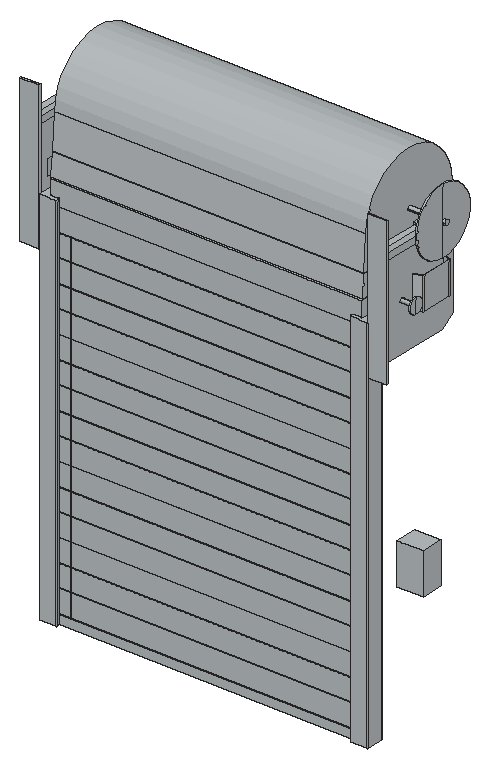
Revit family "DM_Ворота_Рулонные_Doormaster_EI-60", category Двери, Revit 2019
Family settings
  Основа = Стена
  Всегда вертикально = Да
  При загрузке вырезать с полостями = Нет
  Общий = Нет
  Точка расчета площади = Нет
Parameters (values of type "ш.2000 х в.2500")
  Щит управления_Справа снаружи [instance] = no
  Щит управления_Справа внутри [instance] = no
  Щит управления_Слева снаружи [instance] = yes
  Щит управления_Слева внутри [instance] = no
  Ширина направляющей = 120 mm  # constant formula
  Width = 2000 mm
  Функция = Наружные слои
  Толщина направляющей = 120 mm  # constant formula
  Толщина = 65 mm  # constant formula
  Тип конструкций = "Ворота рулонные противопожарные"
  Смещение щита управления от ворот [instance] = 200 mm
  Rough Width [instance] = Width + 2 * Ширина направляющей  # 2240 mm
  Rough Height [instance] = DM_Диаметр рулона / 2 + H  # 3460 mm
  Предупреждение притолока [instance] = or(and(DM_Притолока_Y < 1020 mm, Height = 2000 mm), and(DM_Притолока_Y < 1070 mm, Height = 2500 mm), and(DM_Притолока_Y < 1120 mm, Height = 3000 mm), and(DM_Притолока_Y < 1170 mm, Height = 3500 mm), and(DM_Притолока_Y < 1220 mm, Height = 4000 mm), and(DM_Притолока_Y < 1270 mm, Height = 4500 mm), and(DM_Притолока_Y < 1320 mm, Height = 5000 mm))  # no
  Предупреждение заплечники [instance] = or(and(DM_Привод_Слева, DM_Заплечник_L < 400 mm, DM_Заплечник_R < 250 mm), and(DM_Привод_Слева, DM_Заплечник_L < 400 mm, not(DM_Заплечник_R < 250 mm)), and(DM_Привод_Слева, not(DM_Заплечник_L < 400 mm), DM_Заплечник_R < 250 mm), and(DM_Привод_Справа, DM_Заплечник_R < 400 mm, DM_Заплечник_L < 250 mm), and(DM_Привод_Справа, DM_Заплечник_R < 400 mm, not(DM_Заплечник_L < 250 mm)), and(DM_Привод_Справа, not(DM_Заплечник_R < 400 mm), DM_Заплечник_L < 250 mm))  # no
  Предупреждение [instance] = or(Height < 2000 mm, Height > 5000 mm, Width < 1000 mm, Width > 8000 mm)  # no
  Ось = DM_Диаметр рулона / 2 + 60 mm  # 425 mm
  Описание = "Ворота рулонные (шторы) противопожарные торговой марки «DM-FIREPROF» (предел огнестойкости EI-60) модели «DM-FIREPROF-EI-60» стандартного исполнения (сплошные) или с эвакуационным лазом (выходом), автоматические (с электроприводом) выпускаемые по ТУ 25.12.10−001−63723343−2021 из кремнеземной ткани типа КТ-1-660, ТУ-13.96.14-011-99176106-2018, толщиной не менее 0,6 мм, плотностью не менее 600г/м² и внутреннего слоя из иглопрошивного мата типа CF-500-3 плотностью не менее 500г/м², общей толщиной полотна не менее 10 мм, прошитое кремнеземной нитью типа К11С6-250-БА(230)-ОТ, ТУ 5952-191-05786904-2007, и конструктивными элементами корпуса из стали (толщина стали профилей направляющих и подвижной планки не менее 1,5 мм), выпускаемые по ТУ 25.12.10-001-63723343-2021"
  Огнестойкость = "EI-60"  # constant formula
  Направляющие = Height + 100 mm  # 2600 mm
  Изготовитель = "ООО «СТЦ Дормастер»"  # constant formula
  Высота установки щита управления [instance] = 1200 mm
  Height = 2500 mm
  Видимость притолоки и заплечника [instance] = yes
  Watermark [instance] = "Модели защищены уникальным кодом"
  URL = "https://www.doormaster.ru"
  L2 [instance] = if(DM_Привод_Слева, 230 mm, 320 mm)  # 230 mm
  L1 [instance] = if(DM_Привод_Слева, 320 mm, 230 mm)  # 320 mm
  H = if(Height = 2000 mm, 1020 mm, if(Height = 2500 mm, 1070 mm, if(Height = 3000 mm, 1120 mm, if(Height = 3500 mm, 1170 mm, if(Height = 4000 mm, 1220 mm, if(Height = 4500 mm, 1270 mm, if(Height = 5000 mm, 1320 mm, 1020 mm))))))) - 110 mm + Height - DM_Диаметр рулона / 2  # 3095 mm
  DM_Электропривод [instance] = Электропривод : SNN 1500/T/E
  DM_Притолока_Y [instance] = 1070 mm
  DM_Привод_Справа [instance] = not(DM_Привод_Слева)  # no
  DM_Привод_Слева [instance] = yes
  DM_Покрытие металлоконструкций [instance] = ""
  DM_Заплечник_R [instance] = 250 mm
  DM_Заплечник_L [instance] = 400 mm
  DM_Диаметр рулона = if(Height = 2000 mm, 670 mm, if(Height = 2500 mm, 730 mm, if(Height = 3000 mm, 750 mm, if(Height = 3500 mm, 780 mm, if(Height = 4000 mm, 820 mm, if(Height = 4500 mm, 850 mm, if(Height = 5000 mm, 870 mm, 670 mm)))))))  # 730 mm
  BL_Разработано = "support@bimlib.pro"  # constant formula
  BL_Производитель_Контакты = "тел.: +7(495)542-89-49, email: RA@doormaster.ru"  # constant formula
  BL_BIM library = ""
  ADSK_Толщина стены [instance] = 300 mm
  ADSK_Размер_Ширина = Width  # 2000 mm
  ADSK_Размер_Высота = Height  # 2500 mm
  ADSK_Предел огнестойкости = "EI-60"  # constant formula
  ADSK_Площадь проемов = ADSK_Размер_Высота * ADSK_Размер_Ширина  # 5.00 m²
  ADSK_Обозначение = "ГОСТ Р 53307-2009"  # constant formula
  ADSK_Наименование краткое = "Противопожарные ворота EI-60 2000х2500"
  ADSK_Наименование = "Противопожарные автоматические рулонные ворота EI-60 2000х2500"
  ADSK_Материал [instance] = DM_Сталь_Оцинкованная
  ADSK_Масса_Текст = ""
  ADSK_Марка = "DOORMASTER-FIREPROF-60"
  ADSK_Количество = 1  # constant formula
  ADSK_Код изделия = "20.52.10.190.14.2.02"  # constant formula
  ADSK_Завод-изготовитель = "ООО «СТЦ Дормастер»"  # constant formula
  ADSK_Единица измерения = "шт."  # constant formula
  ADSK_Версия семейства = "1"  # constant formula
  ADSK_Версия Revit = "2019"  # constant formula
  ADSK_URL страницы изделия = "https://www.doormaster.ru/catalog/rulonnye_vorota/"
Reference planes
  plane 1 "Стена": y = 0
  plane 2 "По центру (Влево/Вправо)": x = 125
  plane 3 "Сзади": y = 150
  plane 4: x = 1125
  plane 5: x = -875
  plane 6: z = 2500
  plane 7: z = 0
  plane 8: y = -150
  plane 9: x = -995
  plane 10: x = 1245
  plane 11: z = 3095
  plane 12: x = 1525
  plane 13: x = -1125
  plane 14: z = 2700
  plane 15: z = 2600
  plane 16: z = 2600
  plane 17: y = 575
  plane 18: x = 1445
  plane 19: x = -1105
  plane 20: x = -935
  plane 21: x = 1185
  plane 22: x = 1300
  plane 23: x = -1050
  plane 24: y = 345
  plane 25: y = 575
  plane 26: y = 880
  plane 27: z = 2575
  plane 28: z = 2795
  plane 29: z = 2575
  plane 30: z = 2795
  plane 31: y = 210
  plane 32: z = 3570
Forms (mm)
  Extrusion 1, void
    sketch origin (0, 0, 0) x (1, 0, 0) y (0, 0, 1)
      loop
        line (-875, 2500) -> (-875, 0) -> (1125, 0) -> (1125, 2500) -> (-875, 2500)
    from -150 to 150
  Sweep 2, solid, material "DM_Сталь_Оцинкованная" <- "ADSK_Материал", detail levels fine
    path origin (0, 150, 0) x (1, 0, 0) y (0, 0, 1)
      loop
        line (1245, 2600) -> (1245, 0)
    profile "DM_Профиль направляющей : DM_Профиль направляющей" origin (1245, 150, 1300) x (1, 0, 0) y (0, -1, 0)
      loop
        line (-5, 0) -> (-115, 0)
        arc (-115, 0) -> (-119.217, -2.314) -> (-119.532, -7.113) r 5
        line (-119.532, -7.113) -> (-112.357, -27.5) -> (-60, -27.5) -> (-60, -92.5) -> (-112.357, -92.5) -> (-119.532, -112.887)
        arc (-119.532, -112.887) -> (-119.217, -117.686) -> (-115, -120) r 5
        line (-115, -120) -> (-5, -120)
        arc (-5, -120) -> (-1.464, -118.536) -> (0, -115) r 5
        line (0, -115) -> (0, -5)
        arc (0, -5) -> (-1.464, -1.464) -> (-5, 0) r 5
  Sweep 3, solid, material "DM_Сталь_Оцинкованная" <- "ADSK_Материал", detail levels fine
    path origin (0, 150, 0) x (1, 0, 0) y (0, 0, 1)
      loop
        line (-995, 2600) -> (-995, 0)
    profile "DM_Профиль направляющей : DM_Профиль направляющей" origin (-995, 150, 1300) x (1, 0, 0) y (0, -1, 0)
      loop
        arc (5, 0) -> (1.464, -1.464) -> (0, -5) r 5
        line (0, -5) -> (0, -115)
        arc (0, -115) -> (1.464, -118.536) -> (5, -120) r 5
        line (5, -120) -> (115, -120)
        arc (115, -120) -> (119.217, -117.686) -> (119.532, -112.887) r 5
        line (119.532, -112.887) -> (112.357, -92.5) -> (60, -92.5) -> (60, -27.5) -> (112.357, -27.5) -> (119.532, -7.113)
        arc (119.532, -7.113) -> (119.217, -2.314) -> (115, 0) r 5
        line (115, 0) -> (5, 0)
  Extrusion 4, solid, material "DM_Сталь_Оцинкованная" <- "ADSK_Материал", detail levels fine
    sketch origin (125, 0, 0) x (0, 1, 0) y (0, 0, 1)
      loop
        circle (575, 3095) r 15
    from -1230 to 1320
  Extrusion 5, solid, material "DM_Сталь_Оцинкованная" <- "ADSK_Материал", detail levels coarse+medium
    sketch origin (0, 0, 0) x (1, 0, 0) y (0, 1, 0)
      loop
        line (-995, 270) -> (-995, 150) -> (1245, 150) -> (1245, 270) -> (-995, 270)
    from 0 to 2700
  Extrusion 6, solid, material "DM_Сталь_Оцинкованная" <- "ADSK_Материал", detail levels fine
    sketch origin (1185, 318.274, 1200) x (0, 1, 0) y (0, 0, 1)
      loop
        line (76.726, 1527.75) -> (-23.274, 1527.75) -> (-23.274, 1427.75) -> (76.726, 1427.75) -> (76.726, 1527.75)
    from 115 to 120
  Extrusion 7, solid, material "DM_Сталь_Оцинкованная" <- "ADSK_Материал", detail levels fine
    sketch origin (-935, -220, 1200) x (0, -1, 0) y (0, 0, 1)
      loop
        line (-615, 1527.75) -> (-615, 1427.75) -> (-515, 1427.75) -> (-515, 1527.75) -> (-615, 1527.75)
    from 120 to 115
  Revolve 8, solid, material "DM_Сталь_Оцинкованная" <- "ADSK_Материал", visible <- "DM_Привод_Слева", detail levels fine
    sketch origin (-8600, 345, 2627.75) x (0, 0, 1) y (-1, 0, 0)
      loop
        line (50, -9915) -> (37.5, -9915) -> (37.5, -10009) -> (0, -10009) -> (0, -10019) -> (50, -10019) -> (50, -9915)
      loop
        line (50, -9900) -> (50, -9480) -> (-25, -9480) -> (-25, -9900) -> (50, -9900)
      axis (50, -10019) -> (50, -9480)
    angle from 0 to 360
  Revolve 9, solid, material "DM_Сталь_Оцинкованная" <- "ADSK_Материал", visible <- "DM_Привод_Справа", detail levels fine
    sketch origin (-8600, 345, 2627.75) x (0, 0, 1) y (-1, 0, 0)
      loop
        line (50, -7535) -> (50, -7431) -> (0, -7431) -> (0, -7441) -> (37.5, -7441) -> (37.5, -7535) -> (50, -7535)
      loop
        line (50, -7550) -> (-25, -7550) -> (-25, -7970) -> (50, -7970) -> (50, -7550)
      axis (50, -7970) -> (50, -7431)
    angle from 0 to 360
  Revolve 10, solid, material "DM_Сталь_Оцинкованная" <- "ADSK_Материал", detail levels fine
    sketch origin (-8600, 345, 2627.75) x (0, 0, 1) y (-1, 0, 0)
      loop
        line (50, -7550) -> (50, -9900) -> (65, -9900) -> (65, -9880) -> (61, -9880) -> (61, -9805) -> (67.5, -9805) -> (67.5, -9792) -> (101, -9792) -> (101, -7658) -> (67.5, -7658) -> (67.5, -7645) -> (61, -7645) -> (61, -7570) -> (65, -7570) -> (65, -7550) -> (50, -7550)
      axis (50, -9900) -> (50, -7550)
    angle from 0 to 360
  Revolve 11, solid, material "DM_Сталь_Оцинкованная" <- "ADSK_Материал", visible <- "DM_Привод_Слева", detail levels fine
    sketch origin (-8600, 575, 3595) x (0, 0, 1) y (-1, 0, 0)
      loop
        line (-725, -10009) -> (-725, -10019) -> (-500, -10019) -> (-500, -10009) -> (-725, -10009)
      axis (-500, -10019) -> (-500, -10009)
    angle from 0 to 360
  Revolve 12, solid, material "DM_Сталь_Оцинкованная" <- "ADSK_Материал", visible <- "DM_Привод_Справа", detail levels fine
    sketch origin (-8600, 575, 3595) x (0, 0, 1) y (-1, 0, 0)
      loop
        line (-500, -7431) -> (-725, -7431) -> (-725, -7441) -> (-500, -7441) -> (-500, -7431)
      axis (-500, -7441) -> (-500, -7431)
    angle from 0 to 360
  Sweep 13, solid, material "DM_Сталь_Оцинкованная" <- "ADSK_Материал", visible <- "DM_Привод_Слева", detail levels fine
    path origin (-8600, 575, 3595) x (0, 0, 1) y (-1, 0, 0)
      loop
        line (-1020, -9975) -> (-800, -9975)
    profile "DM_Профиль : DM_Профиль" origin (1375, 575, 2685) x (-1, 0, 0) y (0, -1, 0)
      loop
        arc (0, -105.498) -> (1.808, -111.234) -> (6.58, -114.895) r 10
        line (6.58, -114.895) -> (58.29, -133.716) -> (60, -129.017) -> (8.29, -110.196)
        arc (8.29, -110.196) -> (5.904, -108.366) -> (5, -105.498) r 5
        line (5, -105.498) -> (5, 105.498)
        arc (5, 105.498) -> (5.904, 108.366) -> (8.29, 110.196) r 5
        line (8.29, 110.196) -> (60, 129.017) -> (58.29, 133.716) -> (6.58, 114.895)
        arc (6.58, 114.895) -> (1.808, 111.234) -> (0, 105.498) r 10
        line (0, 105.498) -> (0, -105.498)
  Sweep 14, solid, material "DM_Сталь_Оцинкованная" <- "ADSK_Материал", visible <- "DM_Привод_Справа", detail levels fine
    path origin (-8600, 575, 3595) x (0, 0, 1) y (-1, 0, 0)
      loop
        line (-800, -7475) -> (-1020, -7475)
    profile "DM_Профиль : DM_Профиль" origin (-1125, 575, 2685) x (1, 0, 0) y (0, -1, 0)
      loop
        arc (0, -105.498) -> (1.808, -111.234) -> (6.58, -114.895) r 10
        line (6.58, -114.895) -> (58.29, -133.716) -> (60, -129.017) -> (8.29, -110.196)
        arc (8.29, -110.196) -> (5.904, -108.366) -> (5, -105.498) r 5
        line (5, -105.498) -> (5, 105.498)
        arc (5, 105.498) -> (5.904, 108.366) -> (8.29, 110.196) r 5
        line (8.29, 110.196) -> (60, 129.017) -> (58.29, 133.716) -> (6.58, 114.895)
        arc (6.58, 114.895) -> (1.808, 111.234) -> (0, 105.498) r 10
        line (0, 105.498) -> (0, -105.498)
  Extrusion 15, solid, material "DM_Сталь_Оцинкованная" <- "ADSK_Материал", detail levels coarse+medium
    sketch origin (125, 0, 0) x (0, 1, 0) y (0, 0, 1)
      loop
        circle (575, 3095) r 365
    from -1120 to 1120
  Extrusion 16, solid, material "DM_Сталь_Оцинкованная" <- "ADSK_Материал", detail levels coarse+medium
    sketch origin (125, 0, 0) x (0, 1, 0) y (0, 0, 1)
      loop
        line (210, 3095) -> (150, 2700) -> (271.376, 2700) -> (331.376, 3095) -> (210, 3095)
    from -1120 to 1120
Cuts and joins
  joined: Extrusion 5, Extrusion 15, Extrusion 16
Lines and regions (mm)
  Masking region 1
    outline origin (0, 0, 0) x (1, 0, 0) y (0, 1, 0)
      loop
        line (-995, 270) -> (-995, 150) -> (-875, 150) -> (-875, 270) -> (-995, 270)
      loop
        line (1245, 270) -> (1125, 270) -> (1125, 150) -> (1245, 150) -> (1245, 270)
  Masking region 2, visible <- "DM_Привод_Справа", detail levels medium+fine
    outline origin (0, 0, 0) x (1, 0, 0) y (0, 1, 0)
      loop
        line (-995, 420) -> (-995, 270) -> (-630, 270) -> (-630, 420) -> (-995, 420)
  Masking region 3, visible <- "DM_Привод_Слева"
    outline origin (0, 0, 0) x (1, 0, 0) y (0, 1, 0)
      loop
        line (880, 420) -> (880, 270) -> (1245, 270) -> (1245, 420) -> (880, 420)
  symbolic lines, style "DoorsHiddenLines", detail levels medium+fine
    curve 1: line (-995, 880, 0) -> (-995, 150, 0)
    curve 2: line (-995, 150, 0) -> (1245, 150, 0)
    curve 3: line (1245, 150, 0) -> (1245, 880, 0)
    curve 4: line (-995, 880, 0) -> (1245, 880, 0)
  symbolic lines, style "Doors"
    curve 5: line (-875, 210, 0) -> (1125, 210, 0)
  symbolic lines, style "Предупреждение", visible <- "Видимость притолоки и заплечника"
    curve 6: line (1525, 575, 0) -> (1525, 575, 3570)
    curve 7: line (1525, 575, 3570) -> (-1125, 575, 3570)
    curve 8: line (-1125, 575, 3570) -> (-1125, 575, 0)
Text (mm)
  text "Сторона размещения" at (-1848.837, 1116.779, 0), in view "Опорный уровень"
  text "Сторона размещения" at (0, 2836.481, 2854.306), in view "Слева"
  text "Сторона размещения" at (0, 499.811, 2980.732), in view "Справа"
Dimensions and locks
  locked: plane 3 "Сзади" to host wall
  equal spacing: plane 4, plane 2 "По центру (Влево/Вправо)", plane 5
  "ADSK_Размер_Ширина": plane 4 to plane 5
  locked: level to plane 7
  "ADSK_Размер_Высота": plane 6 to plane 7
  locked: plane 8 to host wall at 0
  "ADSK_Толщина стены": plane 8 to plane 3 "Сзади"
  "H": plane 7 to plane 11
  "Толщина направляющей": plane 3 "Сзади" to Extrusion 5 sketch curve
  "Смещение щита управления от ворот": nested 2 to plane 9
  "Смещение щита управления от ворот": nested 3 to plane 9
  "Смещение щита управления от ворот": plane 10 to nested 1
  "Смещение щита управления от ворот": plane 10 to nested 4
  "Ширина направляющей": plane 9 to Masking region 1 sketch curve
  "Толщина направляющей": Masking region 1 sketch curve to plane 3 "Сзади"  (x2)
  "Ширина направляющей": Masking region 1 sketch curve to plane 10
  equal spacing: Masking region 1, curve 5, Masking region 1
  locked: plane 6 to plane 14 at 200
  "DM_Заплечник_R": plane 13 to plane 5
  "DM_Заплечник_L": plane 4 to plane 12
  "Ширина направляющей": plane 9 to plane 5
  "Ширина направляющей": plane 4 to plane 10
  locked: nested 5 to plane 9 at 65
  locked: plane 10 to nested 6 at 65
  locked: plane 6 to plane 15 at 100
  locked: plane 6 to plane 16 at 100
  "Ось": plane 17 to plane 3 "Сзади"
  "L1": plane 18 to plane 4
  "L2": plane 5 to plane 19
  equal spacing: plane 4, plane 21, plane 10
  Extrusion 6 sketch curve to Extrusion 6 sketch curve to plane 6 = 100 mm locked, 127.75 mm locked
  Extrusion 6 sketch curve to Extrusion 6 sketch curve to plane 3 "Сзади" = 100 mm locked, 145 mm locked
  plane 6 to Extrusion 7 sketch curve to Extrusion 7 sketch curve = 127.75 mm locked, 100 mm locked
  Extrusion 7 sketch curve to Extrusion 7 sketch curve to plane 3 "Сзади" = 100 mm locked, 145 mm locked
  locked: plane 22 to plane 21 at 115
  locked: plane 23 to plane 20 at 115
  locked: plane 6 to Revolve 8 sketch curve at 177.75
  Revolve 8 sketch curve to Revolve 8 sketch curve to Revolve 8 sketch curve to plane 22 = 10 mm locked, 94 mm locked, 15 mm locked
  Revolve 8 sketch curve to Revolve 8 sketch curve to Revolve 8 sketch curve = 37.5 mm locked, 12.5 mm locked
  locked: Revolve 8 sketch curve to Revolve 8 sketch curve at 75
  locked: plane 22 to Revolve 8 sketch curve at 420
  locked: plane 24 to plane 3 "Сзади" at 195
  locked: plane 6 to Revolve 9 sketch curve at 177.75
  Revolve 9 sketch curve to plane 20 to Revolve 9 sketch curve = 115 mm locked, 305 mm locked
  locked: Revolve 9 sketch curve to Revolve 9 sketch curve at 75
  Revolve 9 sketch curve to Revolve 9 sketch curve to Revolve 9 sketch curve = 37.5 mm locked, 12.5 mm locked
  locked: plane 6 to Revolve 10 sketch curve at 177.75
  plane 23 to Revolve 10 sketch curve to Revolve 10 sketch curve to Revolve 10 sketch curve = 20 mm locked, 75 mm locked, 13 mm locked
  locked: Revolve 10 sketch curve to Revolve 10 sketch curve at 15
  locked: Revolve 10 sketch curve to Revolve 10 sketch curve at 11
  locked: Revolve 10 sketch curve to Revolve 10 sketch curve at 17.5
  locked: Revolve 10 sketch curve to Revolve 10 sketch curve at 51
  plane 22 to Revolve 10 sketch curve to Revolve 10 sketch curve to Revolve 10 sketch curve = 20 mm locked, 75 mm locked, 13 mm locked
  "Ось": plane 25 to plane 3 "Сзади"
  locked: Revolve 11 sketch curve to Revolve 11 sketch curve at 225
  locked: Revolve 11 sketch curve to Revolve 11 sketch curve at 10
  locked: plane 22 to Revolve 11 sketch curve at 109
  Revolve 9 sketch curve to Revolve 9 sketch curve to Revolve 9 sketch curve to plane 23 = 10 mm locked, 94 mm locked, 15 mm locked
  locked: Revolve 12 sketch curve to Revolve 12 sketch curve at 225
  Revolve 12 sketch curve to Revolve 12 sketch curve to plane 20 = 10 mm locked, 224 mm locked
  "DM_Диаметр рулона": plane 26 to plane 3 "Сзади"
  locked: text3d elem to plane 26 at 700
  locked: text3d elem to plane 26 at 100
  locked: plane 27 to plane 28 at 220
  locked: plane 6 to plane 27 at 75
  locked: plane 22 to Sweep 13 sketch curve at 75
  plane 6 to plane 29 to plane 30 = 75 mm locked, 220 mm locked
  locked: plane 23 to Sweep 14 sketch curve at 75
  locked: plane 31 to plane 3 "Сзади" at 60
  locked: Extrusion 16 sketch curve to Extrusion 16 sketch curve at 120
  "DM_Притолока_Y": plane 6 to plane 32
  equal spacing: plane 9, plane 20, plane 5
  locked: text3d elem to plane 26 at 400
  locked: plane 9 to Masking region 2 sketch curve at 365
  "Толщина направляющей": Masking region 2 sketch curve to plane 3 "Сзади"
  locked: Masking region 2 sketch curve to Masking region 2 sketch curve at 150
  "Толщина направляющей": Masking region 3 sketch curve to plane 3 "Сзади"
  locked: Masking region 3 sketch curve to Masking region 3 sketch curve at 150
  locked: Masking region 3 sketch curve to plane 10 at 365
  radius of Extrusion 4 sketch curve = 15 mm
  "DM_Диаметр рулона": diameter of Extrusion 15 sketch curve
  aligned and locked: plane 1 "Стена" to host wall
  aligned and locked: Extrusion 1 sketch curve to plane 6
  aligned and locked: plane 5 to Extrusion 1 sketch curve
  aligned and locked: plane 4 to Extrusion 1 sketch curve
  aligned and locked: Extrusion 1 sketch curve to plane 7
  aligned and locked: Extrusion 1 to plane 3 "Сзади"
  aligned and locked: host wall to Extrusion 1
  aligned and locked: plane 7 to Sweep 2 sketch curve
  aligned and locked: Sweep 2 sketch curve to plane 10
  aligned and locked: plane 9 to Sweep 3 sketch curve
  aligned and locked: plane 7 to Sweep 3 sketch curve
  aligned and locked: text3d elem to plane 2 "По центру (Влево/Вправо)"  (x2)
  aligned and locked: curve 1 to plane 9
  aligned and locked: curve 3 to plane 10
  aligned and locked: nested 1 to plane 3 "Сзади"
  aligned and locked: nested 2 to plane 3 "Сзади"
  aligned and locked: nested 3 to plane 8
  aligned and locked: nested 4 to plane 8
  aligned and locked: plane 9 to Masking region 1 sketch curve
  aligned and locked: Masking region 1 sketch curve to plane 10
  aligned and locked: Masking region 1 to curve 5  (x2)
  aligned and locked: Extrusion 5 sketch curve to plane 3 "Сзади"
  aligned and locked: Masking region 1 sketch curve to plane 3 "Сзади"
  aligned and locked: plane 3 "Сзади" to Masking region 1 sketch curve
  aligned and locked: plane 3 "Сзади" to curve 2
  aligned and locked: nested 5 to plane 3 "Сзади"
  aligned and locked: nested 6 to plane 3 "Сзади"
  aligned and locked: plane 11 to nested 6
  aligned and locked: plane 11 to nested 5
  aligned and locked: plane 15 to Sweep 2 sketch curve
  aligned and locked: plane 16 to Sweep 3 sketch curve
  aligned and locked: plane 11 to Extrusion 4 sketch curve
  aligned and locked: plane 17 to Extrusion 4 sketch curve
  aligned and locked: plane 18 to Extrusion 4
  aligned and locked: Extrusion 4 to plane 19
  aligned and locked: Revolve 8 sketch curve to Revolve 8 sketch curve  (x2)
  aligned and locked: Revolve 8 sketch curve to plane 22
  aligned and locked: Revolve 9 sketch curve to Revolve 9 sketch curve  (x2)
  aligned and locked: plane 23 to Revolve 10 sketch curve
  aligned and locked: Revolve 10 sketch curve to plane 22
  aligned and locked: Revolve 10 sketch curve to Revolve 10 sketch curve  (x4)
  aligned and locked: plane 11 to Revolve 11 sketch curve
  aligned and locked: Revolve 11 sketch curve to Revolve 11 sketch curve
  aligned and locked: plane 11 to Revolve 12 sketch curve
  aligned and locked: Revolve 12 sketch curve to Revolve 12 sketch curve
  aligned and locked: curve 4 to plane 26
  aligned and locked: plane 28 to Sweep 13 sketch curve
  aligned and locked: plane 27 to Sweep 13 sketch curve
  aligned and locked: plane 30 to Sweep 14 sketch curve
  aligned and locked: plane 29 to Sweep 14 sketch curve
  aligned and locked: Extrusion 5 to plane 14
  aligned and locked: plane 25 to Extrusion 15 sketch curve
  aligned and locked: plane 11 to Extrusion 15 sketch curve
  aligned and locked: Extrusion 15 to plane 10
  aligned and locked: Extrusion 15 to plane 9
  aligned and locked: plane 9 to Extrusion 5 sketch curve
  aligned and locked: plane 10 to Extrusion 5 sketch curve
  aligned and locked: plane 31 to Extrusion 16 sketch curve
  aligned and locked: Extrusion 16 sketch curve to plane 11
  aligned and locked: plane 3 "Сзади" to Extrusion 16 sketch curve
  aligned and locked: Extrusion 16 sketch curve to plane 14
  aligned and locked: Extrusion 16 to plane 9
  aligned and locked: Extrusion 16 to plane 10
  aligned and locked: plane 9 to Masking region 2 sketch curve
  aligned and locked: Masking region 3 sketch curve to plane 10
  aligned and locked: nested 7 to plane 2 "По центру (Влево/Вправо)"
  aligned and locked: plane 3 "Сзади" to nested 7
  aligned and locked: level to curve 6
  aligned and locked: level to curve 8
  aligned and locked: curve 6 to plane 12
  aligned and locked: curve 8 to plane 13
  aligned and locked: plane 32 to curve 7
Automatic sketch dimensions
  plane 22 to Revolve 9 sketch curve = 60 mm
  Revolve 10 sketch curve to Revolve 10 sketch curve = 60 mm  (x2)
  Revolve 8 sketch curve to plane 22 = 0 mm
  plane 23 to Revolve 8 sketch curve = 0 mm
  Revolve 9 sketch curve to Revolve 9 sketch curve = 5 mm
  plane 18 to Revolve 11 sketch curve = 20.533 mm
  Revolve 11 sketch curve to plane 19 = 75.865 mm
  plane 18 to Revolve 12 sketch curve = 20.533 mm
  Revolve 12 sketch curve to Revolve 12 sketch curve = 11.865 mm
Nested families
  nested 1: "Щит управления" at (1535, 150, 1200) x (-1, 0, 0) z (0, 0, 1), built-in parameter 1001364 <- "Высота установки щита управления", visible <- "Щит управления_Слева снаружи", type "Щит управления"
    with h 140 mm, ADSK_Размер_Ширина 180 mm, ADSK_Размер_Глубина 150 mm, ADSK_Размер_Высота 280 mm
  nested 2: "Щит управления" at (-1285, 150, 1200) x (-1, 0, 0) z (0, 0, 1), built-in parameter 1001364 <- "Высота установки щита управления", visible <- "Щит управления_Справа снаружи", type "Щит управления"
    with h 140 mm, ADSK_Размер_Ширина 180 mm, ADSK_Размер_Глубина 150 mm, ADSK_Размер_Высота 280 mm
  nested 3: "Щит управления" at (-1285, -150, 1200), built-in parameter 1001364 <- "Высота установки щита управления", visible <- "Щит управления_Справа внутри", type "Щит управления"
    with h 140 mm, ADSK_Размер_Ширина 180 mm, ADSK_Размер_Глубина 150 mm, ADSK_Размер_Высота 280 mm
  nested 4: "Щит управления" at (1535, -150, 1200), built-in parameter 1001364 <- "Высота установки щита управления", visible <- "Щит управления_Слева внутри", type "Щит управления"
    with h 140 mm, ADSK_Размер_Ширина 180 mm, ADSK_Размер_Глубина 150 mm, ADSK_Размер_Высота 280 mm
  nested 5: "DM_Кронштейн" at (-1060, 150, 3095) x (-1, 0, 0) z (0, 0, 1), type "DM_Кронштейн"
  nested 6: "DM_Кронштейн" at (1310, 150, 3095) x (-1, 0, 0) z (0, 0, 1), type "DM_Кронштейн"
  nested 7: "DM_Штора" at (125, 150, 2500), built-in parameter 1001364 <- "Height", type "DM_Штора"
    with Ось 425 mm, Диаметр 730 mm, Height 2500 mm, r 365 mm, h 3095 mm
Definition of nested family "Щит управления"
  Parameters (values of type "ЩУ-FIREPROF-220-1")
    h = ADSK_Размер_Высота / 2  # 75 mm
    ADSK_Размер_Ширина = 100 mm
    ADSK_Размер_Глубина = 80 mm
    ADSK_Размер_Высота = 150 mm
    ADSK_Материал = none
  Types (2, lengths in mm): name | h | ADSK_Размер_Ширина | ADSK_Размер_Глубина | ADSK_Размер_Высота
    ЩУ-FIREPROF-220-1 | 75 | 100 | 80 | 150
    ЩУ-480-1 (с ИБП) | 147 | 345 | 155 | 294
  Reference planes
    plane 1 "По центру (Вперед/Назад)": y = 0
    plane 2: z = 0
    plane 3 "По центру (Влево/Вправо)": x = 0
    plane 4: x = -50
    plane 5: x = 50
    plane 6: z = -75
    plane 7: z = 75
  Forms (mm)
    Extrusion 1, solid, material <- "ADSK_Материал", detail levels medium+fine
      sketch origin (0, 0, 0) x (1, 0, 0) y (0, 0, 1)
        loop
          line (-50, 75) -> (-50, -75) -> (50, -75) -> (50, 75) -> (-50, 75)
      from 0 to 80 <- "ADSK_Размер_Глубина"
  Lines and regions (mm)
    Masking region 1, detail levels medium+fine
      outline origin (0, 0, 0) x (1, 0, 0) y (0, 1, 0)
        loop
          line (-50, 0) -> (-50, -80) -> (50, -80) -> (50, 0) -> (-50, 0)
  Dimensions and locks
    "h": plane 7 to plane 2 to plane 6
    equal spacing: plane 4, plane 3 "По центру (Влево/Вправо)", plane 5
    "ADSK_Размер_Ширина": plane 4 to plane 5
    "ADSK_Размер_Глубина": plane 1 "По центру (Вперед/Назад)" to Masking region 1 sketch curve
    aligned and locked: level to plane 2
    aligned and locked: Extrusion 1 sketch curve to plane 4
    aligned and locked: Extrusion 1 sketch curve to plane 7
    aligned and locked: Extrusion 1 sketch curve to plane 5
    aligned and locked: Extrusion 1 sketch curve to plane 6
    aligned and locked: Masking region 1 sketch curve to plane 4
    aligned and locked: plane 1 "По центру (Вперед/Назад)" to Masking region 1 sketch curve
    aligned and locked: Masking region 1 sketch curve to plane 5
  Connectors
    electrical at (0, 0, 0)
      settings: on Extrusion 1, index 1, voltage 0 V, apparent load 0 VA, apparent load phase1 0 VA, apparent load phase2 0 VA, apparent load phase3 0 VA, power factor 1, load classification none, number of poles 1, system type 13, power factor state 1, is connector primary yes, connector utility no, sub classification motor no, connector description ""
Definition of nested family "DM_Кронштейн"
  Parameters (values of type "DM_Кронштейн")
    Ось = 500 mm
    Analytic Construction = "<Нет>"
    ADSK_Материал = none
  Reference planes
    plane 1 "По центру (Вперед/Назад)": y = 0
    plane 2: z = 0
    plane 3 "По центру (Влево/Вправо)": x = 0
    plane 4: y = -500
  Forms (mm)
    Extrusion 1, solid, material <- "ADSK_Материал", detail levels fine
      sketch origin (0, 0, 0) x (1, 0, 0) y (0, 0, 1)
        loop
          line (-65, -830) -> (65, -830) -> (65, 170) -> (-65, 170) -> (-65, -830)
      from 0 to 10
    Extrusion 2, solid, material <- "ADSK_Материал", detail levels fine
      sketch origin (0, 0, 0) x (1, 0, 0) y (0, 0, 1)
        loop
          line (-35, -100) -> (35, -100) -> (35, -56) -> (21.752, -30) -> (-21.752, -30) -> (-35, -56) -> (-35, -100)
      from 10 to 710
    Extrusion 3, solid, material <- "ADSK_Материал", detail levels fine
      sketch origin (-35, 0, -30) x (1, 0, 0) y (0, 1, 0)
        loop
          line (10, -417.5) -> (10, -582.5) -> (60, -582.5) -> (60, -417.5) -> (10, -417.5)
      from 0 to 15
    Extrusion 4, solid, material <- "ADSK_Материал", detail levels fine
      sketch origin (0, 0, 0) x (0, 1, 0) y (0, 0, 1)
        loop
          circle (-500, 0) r 40
      from -19 to 19
    Extrusion 5, void
      sketch origin (0, 0, 0) x (0, 1, 0) y (0, 0, 1)
        loop
          circle (-500, 0) r 15
      from -35 to 35
    Extrusion 6, solid, material <- "ADSK_Материал", detail levels fine
      sketch origin (0, 0, 0) x (0, 1, 0) y (0, 0, 1)
        loop
          line (-10, -100) -> (-640, -100) -> (-640, -690) -> (-540, -750) -> (-10, -750) -> (-10, -100)
      from -5 to 5
  Cuts and joins
    Extrusion 5 cuts Extrusion 3
    Extrusion 5 cuts Extrusion 4
    joined: Extrusion 2, Extrusion 3, Extrusion 4, Extrusion 6
  Dimensions and locks
    Extrusion 1 sketch curve to plane 2 to Extrusion 1 sketch curve = 170 mm, 830 mm
    Extrusion 1 sketch curve to plane 3 "По центру (Влево/Вправо)" to Extrusion 1 sketch curve = 65 mm locked, 65 mm locked
    locked: Extrusion 1 to Extrusion 2 sketch curve at 270
    Extrusion 2 sketch curve to plane 3 "По центру (Влево/Вправо)" to Extrusion 2 sketch curve = 35 mm, 35 mm
    locked: Extrusion 2 sketch curve to Extrusion 2 sketch curve at 70
    "Ось": plane 1 "По центру (Вперед/Назад)" to plane 4
    Extrusion 3 sketch curve to plane 4 to Extrusion 3 sketch curve = 82.5 mm locked, 82.5 mm locked
    Extrusion 3 sketch curve to plane 3 "По центру (Влево/Вправо)" to Extrusion 3 sketch curve = 25 mm locked, 25 mm locked
    locked: Extrusion 6 sketch curve to Extrusion 1 at 80
    locked: Extrusion 6 sketch curve to cut or joined group of Extrusion 2, Extrusion 3, Extrusion 4, Extrusion 5, Extrusion 6 at 70
    locked: Extrusion 6 sketch curve to Extrusion 6 sketch curve at 100
    locked: Extrusion 6 sketch curve to Extrusion 6 sketch curve at 60
    radius of Extrusion 4 sketch curve = 40 mm
    radius of Extrusion 5 sketch curve = 15 mm
    aligned and locked: level to plane 2
    aligned and locked: plane 2 to Extrusion 4 sketch curve
    aligned and locked: plane 4 to Extrusion 4 sketch curve
    aligned and locked: plane 2 to Extrusion 5 sketch curve
    aligned and locked: plane 4 to Extrusion 5 sketch curve
    aligned and locked: Extrusion 6 sketch curve to cut or joined group of Extrusion 2, Extrusion 3, Extrusion 4, Extrusion 5, Extrusion 6  (x2)
  Automatic sketch dimensions
    Extrusion 2 sketch curve to plane 3 "По центру (Влево/Вправо)" = 21.752 mm
    plane 3 "По центру (Влево/Вправо)" to Extrusion 2 sketch curve = 21.752 mm
    Extrusion 2 sketch curve to Extrusion 2 sketch curve = 26 mm  (x2)
Definition of nested family "DM_Штора"
  Parameters (values of type "DM_Штора")
    Ширина направляющей = 120 mm
    Width = 2000 mm
    Толщина направляющей = 120 mm
    Thickness = 65 mm
    Ось = Диаметр / 2 + 60 mm  # 435 mm
    Материал = none
    Диаметр = 750 mm
    Height = 1000 mm
    Analytic Construction = "<Нет>"
    r = Диаметр / 2  # 375 mm
    h = if(Height = 2000 mm, 1020 mm, if(Height = 2500 mm, 1070 mm, if(Height = 3000 mm, 1120 mm, if(Height = 3500 mm, 1170 mm, if(Height = 4000 mm, 1220 mm, if(Height = 4500 mm, 1270 mm, if(Height = 5000 mm, 1320 mm, 1020 mm))))))) - 110 mm + Height - Диаметр / 2  # 1535 mm
  Reference planes
    plane 1 "По центру (Вперед/Назад)": y = 0
    plane 2: z = 0
    plane 3 "По центру (Влево/Вправо)": x = 0
    plane 4: x = -1000
    plane 5: x = 1000
    plane 6: x = 1120
    plane 7: x = -1120
    plane 8: x = -1060
    plane 9: x = 1060
    plane 10: y = 120
    plane 11: y = 60
    plane 12: y = 92.5
    plane 13: y = 27.5
    plane 14: z = 535
    plane 15: z = -1000
    plane 16: z = -5000
    plane 17: y = 435
    plane 18: z = 200
    plane 19: y = 60
  Forms (mm)
    Extrusion 1, solid, material <- "Материал", detail levels fine
      sketch origin (0, 0, 0) x (0, 1, 0) y (0, 0, 1)
        loop
          circle (435, 535) r 375
      from -1060 to 1060
    Extrusion 2, solid, material <- "Материал", detail levels fine
      sketch origin (0, 0, 0) x (0, 1, 0) y (0, 0, 1)
        loop
          line (92.5, 200) -> (27.5, 200) -> (27.5, -5000) -> (92.5, -5000) -> (92.5, 200)
      from -1060 to 1060
    Extrusion 3, solid, material <- "Материал", detail levels fine
      sketch origin (0, 0, 0) x (0, 1, 0) y (0, 0, 1)
        loop
          line (27.5, 200) -> (92.805, 200) -> (125.305, 535) -> (60, 535) -> (27.5, 200)
      from -1060 to 1060
    Extrusion 4, void
      sketch origin (0, 0, 0) x (1, 0, 0) y (0, 0, 1)
        loop
          line (-1120, 50) -> (-1120, 45) -> (1120, 45) -> (1120, 50) -> (-1120, 50)
        loop
          line (-1120, -105) -> (-1120, -110) -> (1120, -110) -> (1120, -105) -> (-1120, -105)
        loop
          line (-1120, -260) -> (-1120, -265) -> (1120, -265) -> (1120, -260) -> (-1120, -260)
        loop
          line (-1120, -415) -> (-1120, -420) -> (1120, -420) -> (1120, -415) -> (-1120, -415)
        loop
          line (-1120, -570) -> (-1120, -575) -> (1120, -575) -> (1120, -570) -> (-1120, -570)
        loop
          line (-1120, -725) -> (-1120, -730) -> (1120, -730) -> (1120, -725) -> (-1120, -725)
        loop
          line (-1120, -880) -> (-1120, -885) -> (1120, -885) -> (1120, -880) -> (-1120, -880)
        loop
          line (-1120, -1035) -> (-1120, -1040) -> (1120, -1040) -> (1120, -1035) -> (-1120, -1035)
        loop
          line (-1120, -1190) -> (-1120, -1195) -> (1120, -1195) -> (1120, -1190) -> (-1120, -1190)
        loop
          line (-1120, -1345) -> (-1120, -1350) -> (1120, -1350) -> (1120, -1345) -> (-1120, -1345)
        loop
          line (-1120, -1500) -> (-1120, -1505) -> (1120, -1505) -> (1120, -1500) -> (-1120, -1500)
        loop
          line (-1120, -1655) -> (-1120, -1660) -> (1120, -1660) -> (1120, -1655) -> (-1120, -1655)
        loop
          line (-1120, -1810) -> (-1120, -1815) -> (1120, -1815) -> (1120, -1810) -> (-1120, -1810)
        loop
          line (-1120, -1965) -> (-1120, -1970) -> (1120, -1970) -> (1120, -1965) -> (-1120, -1965)
        loop
          line (-1120, -2120) -> (-1120, -2125) -> (1120, -2125) -> (1120, -2120) -> (-1120, -2120)
        loop
          line (-1120, -2275) -> (-1120, -2280) -> (1120, -2280) -> (1120, -2275) -> (-1120, -2275)
        loop
          line (-1120, -2430) -> (-1120, -2435) -> (1120, -2435) -> (1120, -2430) -> (-1120, -2430)
        loop
          line (-1120, -2585) -> (-1120, -2590) -> (1120, -2590) -> (1120, -2585) -> (-1120, -2585)
        loop
          line (-1120, -2740) -> (-1120, -2745) -> (1120, -2745) -> (1120, -2740) -> (-1120, -2740)
        loop
          line (-1120, -2895) -> (-1120, -2900) -> (1120, -2900) -> (1120, -2895) -> (-1120, -2895)
        loop
          line (-1120, -3050) -> (-1120, -3055) -> (1120, -3055) -> (1120, -3050) -> (-1120, -3050)
        loop
          line (-1120, -3205) -> (-1120, -3210) -> (1120, -3210) -> (1120, -3205) -> (-1120, -3205)
        loop
          line (-1120, -3360) -> (-1120, -3365) -> (1120, -3365) -> (1120, -3360) -> (-1120, -3360)
        loop
          line (-1120, -3515) -> (-1120, -3520) -> (1120, -3520) -> (1120, -3515) -> (-1120, -3515)
        loop
          line (-1120, -3670) -> (-1120, -3675) -> (1120, -3675) -> (1120, -3670) -> (-1120, -3670)
        loop
          line (-1120, -3825) -> (-1120, -3830) -> (1120, -3830) -> (1120, -3825) -> (-1120, -3825)
        loop
          line (-1120, -3980) -> (-1120, -3985) -> (1120, -3985) -> (1120, -3980) -> (-1120, -3980)
        loop
          line (-1120, -4135) -> (-1120, -4140) -> (1120, -4140) -> (1120, -4135) -> (-1120, -4135)
        loop
          line (-1120, -4290) -> (-1120, -4295) -> (1120, -4295) -> (1120, -4290) -> (-1120, -4290)
        loop
          line (-1120, -4445) -> (-1120, -4450) -> (1120, -4450) -> (1120, -4445) -> (-1120, -4445)
        loop
          line (-1120, -4600) -> (-1120, -4605) -> (1120, -4605) -> (1120, -4600) -> (-1120, -4600)
        loop
          line (-1120, -4755) -> (-1120, -4760) -> (1120, -4760) -> (1120, -4755) -> (-1120, -4755)
        loop
          line (-1120, -4910) -> (-1120, -4915) -> (1120, -4915) -> (1120, -4910) -> (-1120, -4910)
      from 0 to -120
    Extrusion 5, void
      sketch origin (0, 0, 0) x (1, 0, 0) y (0, 0, 1)
        loop
          line (-1120, -1000) -> (-1120, -5050) -> (1120, -5050) -> (1120, -1000) -> (-1120, -1000)
      from 0 to -120
    Extrusion 6, void
      sketch origin (0, 0, 0) x (0, 1, 0) y (0, 0, 1)
        loop
          line (92.805, 200) -> (93.288, 204.977) -> (28.592, 211.253) -> (27.5, 200) -> (92.805, 200)
        loop
          line (43.559, 365.529) -> (43.076, 360.552) -> (107.772, 354.276) -> (108.255, 359.252) -> (43.559, 365.529)
      from -1120 to 1120
  Cuts and joins
    Extrusion 6 cuts Extrusion 3
    joined: Extrusion 1, Extrusion 3
    Extrusion 4, Extrusion 5 cuts Extrusion 2
  Lines and regions (mm)
    reference lines
      curve 1: line (0, 27.5, 200) -> (0, 60, 535)
  Dimensions and locks
    equal spacing: plane 7, plane 8, plane 4
    "Ширина направляющей": plane 7 to plane 4
    equal spacing: plane 5, plane 9, plane 6
    "Ширина направляющей": plane 5 to plane 6
    equal spacing: plane 4, plane 3 "По центру (Влево/Вправо)", plane 5
    "Width": plane 4 to plane 5
    "Толщина направляющей": plane 10 to plane 1 "По центру (Вперед/Назад)"
    equal spacing: plane 10, plane 11, plane 1 "По центру (Вперед/Назад)"
    equal spacing: plane 12, plane 11, plane 13
    "Thickness": plane 12 to plane 13
    "Height": plane 2 to plane 15
    locked: plane 2 to plane 16 at 5000
    "Ось": plane 17 to plane 1 "По центру (Вперед/Назад)"
    locked: plane 18 to plane 2 at 200
    "r": plane 17 to plane 19
    "Thickness": Extrusion 3 sketch curve to curve 1
    plane 18 to Extrusion 4 sketch curve to Extrusion 4 sketch curve = 150 mm, 5 mm locked
    locked: Extrusion 4 sketch curve to Extrusion 4 sketch curve at 5  (x32)
    locked: Extrusion 4 sketch curve to Extrusion 4 sketch curve at 150  (x32)
    locked: plane 16 to Extrusion 5 sketch curve at 50
    "h": plane 14 to plane 15
    cut or joined group of Extrusion 1, Extrusion 3, Extrusion 6 to Extrusion 6 sketch curve to Extrusion 6 sketch curve to Extrusion 6 sketch curve = 5 mm locked, 150 mm locked, 5 mm locked
    "Диаметр": diameter of Extrusion 1 sketch curve
    aligned and locked: level to plane 2
    aligned and locked: plane 14 to Extrusion 1 sketch curve
    aligned and locked: plane 17 to Extrusion 1 sketch curve
    aligned and locked: Extrusion 2 sketch curve to plane 13
    aligned and locked: Extrusion 2 sketch curve to plane 12
    aligned and locked: Extrusion 2 sketch curve to plane 18
    aligned and locked: plane 14 to curve 1
    aligned and locked: plane 19 to curve 1
    aligned and locked: plane 18 to curve 1
    aligned and locked: plane 13 to curve 1
    aligned and locked: Extrusion 3 sketch curve to curve 1
    aligned and locked: plane 18 to Extrusion 3 sketch curve
    aligned and locked: plane 14 to Extrusion 3 sketch curve
    aligned and locked: Extrusion 3 sketch curve to plane 18
    aligned and locked: plane 16 to Extrusion 2 sketch curve
    aligned and locked: plane 9 to Extrusion 1
    aligned and locked: plane 8 to Extrusion 1
    aligned and locked: plane 9 to Extrusion 3
    aligned and locked: plane 8 to Extrusion 3
    aligned and locked: Extrusion 2 to plane 9
    aligned and locked: plane 8 to Extrusion 2
    aligned and locked: plane 6 to Extrusion 4 sketch curve  (x12)
    aligned and locked: Extrusion 4 sketch curve to plane 6  (x21)
    aligned and locked: Extrusion 4 sketch curve to plane 7  (x22)
    aligned and locked: plane 7 to Extrusion 4 sketch curve  (x11)
    aligned and locked: plane 10 to Extrusion 4
    aligned and locked: Extrusion 5 sketch curve to plane 15
    aligned and locked: Extrusion 5 sketch curve to plane 7
    aligned and locked: plane 6 to Extrusion 5 sketch curve
    aligned and locked: plane 10 to Extrusion 5
    aligned and locked: Extrusion 6 sketch curve to cut or joined group of Extrusion 1, Extrusion 3, Extrusion 6  (x2)
    aligned and locked: cut or joined group of Extrusion 1, Extrusion 3, Extrusion 6 to Extrusion 6 sketch curve  (x2)
    aligned and locked: cut or joined group of Extrusion 1, Extrusion 3, Extrusion 6 to plane 6
    aligned and locked: cut or joined group of Extrusion 1, Extrusion 3, Extrusion 6 to plane 7
  Automatic sketch dimensions
    Extrusion 6 sketch curve to plane 18 = 0 mm
